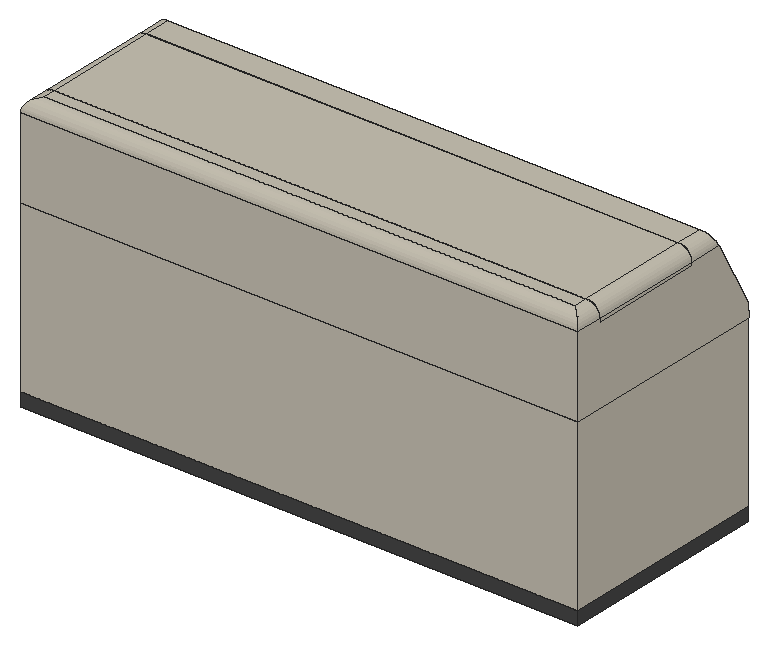
Revit family "Mechanical_Equipment-GE-Zoneline_PTAC-AirConditioner-MakeupAir-AZ95", category Mechanical Equipment, host Face, Revit 2018
Family settings
  Host = Face
  Round Connector Dimension = Use Diameter
  Classification = None
  Part Type = Normal
  OmniClass Number = 23.75.70.21.24
  OmniClass Title = Air Terminal Units
  Cut with Voids When Loaded = No
  Shared = No
  Room Calculation Point = No
Parameters
  Width = 3' - 6"  # constant formula
  Warranty URL = "https://www.geappliances.com/ge/zoneline/warranty.htm"
  Wall Offset [instance] = 0' - 0"
  Voltage = 0 V
  Version = "2018 v.1.0a"  # constant formula
  URL = "https://www.geappliances.com/ge/zoneline.htm"
  Product Page URL = "https://www.geappliances.com/ge/zoneline.htm"
  Product Name = "GE Zoneline® Packaged Terminal Air Conditioner (PTAC)"  # constant formula
  Power Factor = 1
  Phase = 1
  Outside Grill Material = Plastic - GE - Black
  Number of Poles = 1
  Model = "Not a Type - Load Type Catalog"
  Manufacturer Phone Number = "1-800-626-2005"  # constant formula
  Manufacturer Email = ""
  Manufacturer Address = "106 Appliance Park - AP4 Room 106, Louisville, KY 40225"  # constant formula
  Manufacturer = "GE Appliances"  # constant formula
  Keynote = "23 30 00"
  Housing Material = Plastic - GE - Gray
  Height = 1' - 4"  # constant formula
  Frequency = 60 Hz
  Description = "Heat pump"  # constant formula
  Default Elevation = 4' - 0"
  Copyright = "Copyright © 2021 GE Appliances, a Haier company GE is a trademark of the General Electric Company. Manufactured under trademark license."  # constant formula
  Assembly Code = "D3040100"
  Apparent Load = 0 VA
Reference planes (in)
  plane 1 "Center (Front/Back)": y = 0
  plane 2: z = 0
  plane 3 "Center (Left/Right)": x = 0
  plane 4: x = -21
  plane 5: x = 21
  plane 6: y = 8
  plane 7: y = -8
  plane 8: z = 7.0625
  plane 9: z = -13.75
  plane 10: y = 4.65625
  plane 11: z = 1.03125
  plane 12: y = -6
  plane 13: y = 2.65625
  plane 14: z = 5.8125
  plane 15 "Wall Offset": z = 0
  plane 16: z = -12.75
Forms (in)
  Extrusion 1, solid, material "Plastic - GE - Gray" <- "Housing Material"
    sketch origin (0, 0, 0) x (1, 0, 0) y (0, 0, 1)
      loop
        arc (-20, 7.0625) -> (-20.70711, 6.76961) -> (-21, 6.0625) r 1
        line (-21, 6.0625) -> (-21, 0) -> (21, 0) -> (21, 6.0625)
        arc (21, 6.0625) -> (20.70711, 6.76961) -> (20, 7.0625) r 1
        line (20, 7.0625) -> (-20, 7.0625)
    from -8 to 8
  Extrusion 2, void
    sketch origin (0, 0, 0) x (0, 1, 0) y (0, 0, 1)
      loop
        line (4.65625, 10.47101) -> (4.65625, 7.0625) -> (8, 1.03125) -> (11.18211, 1.03125) -> (11.18211, 10.47101) -> (4.65625, 10.47101)
    from -25.3045 to 26.17737
  Extrusion 3, void
    sketch origin (0, 0, 0) x (0, 1, 0) y (0, 0, 1)
      loop
        line (-8.98656, 7.70959) -> (-8.98656, 6.0625) -> (-8, 6.0625)
        arc (-8, 6.0625) -> (-7.70711, 6.76961) -> (-7, 7.0625) r 1
        line (-7, 7.0625) -> (-7, 7.70959) -> (-8.98656, 7.70959)
    from -23.35478 to 32.8228
  Extrusion 4, solid, material "Plastic - GE - Gray" <- "Housing Material"
    sketch origin (0, 4.65625, 7.0625) x (0, 0.484873, -0.874584) y (-1, 0, 0)
      loop
        line (1.5, -20.5) -> (5.39613, -20.5)
        arc (5.39613, -20.5) -> (6.10324, -20.20711) -> (6.39613, -19.5) r 1
        line (6.39613, -19.5) -> (6.39613, 19.5)
        arc (6.39613, 19.5) -> (6.10324, 20.20711) -> (5.39613, 20.5) r 1
        line (5.39613, 20.5) -> (1.5, 20.5)
        arc (1.5, 20.5) -> (0.79289, 20.20711) -> (0.5, 19.5) r 1
        line (0.5, 19.5) -> (0.5, -19.5)
        arc (0.5, -19.5) -> (0.79289, -20.20711) -> (1.5, -20.5) r 1
    from 0 to 0.125
  Extrusion 5, void
    sketch origin (0, 0, 0) x (1, 0, 0) y (0, 1, 0)
      loop
        line (-23.43851, 2.65625) -> (-23.43851, -6) -> (25.81619, -6) -> (25.81619, 2.65625) -> (-23.43851, 2.65625)
    from 5.8125 to 8.54486
  Extrusion 6, solid, material "Plastic - GE - Grill"
    sketch origin (0, 0, 0) x (1, 0, 0) y (0, 0, 1)
      loop
        line (21, 5.8125) -> (21, 6.0625)
        arc (21, 6.0625) -> (20.70711, 6.76961) -> (20, 7.0625) r 1
        line (20, 7.0625) -> (-20, 7.0625)
        arc (-20, 7.0625) -> (-20.70711, 6.76961) -> (-21, 6.0625) r 1
        line (-21, 6.0625) -> (-21, 5.8125) -> (21, 5.8125)
    from -2.65625 to 6
  Extrusion 7, solid, material "Plastic - GE - Gray" <- "Housing Material"
    sketch origin (0, 0, 0) x (1, 0, 0) y (0, 1, 0)
      loop
        line (-21, 8) -> (-21, -8) -> (21, -8) -> (21, 8) -> (-21, 8)
    from -12.75 to 0
  Extrusion 8, solid, material "Plastic - GE - Black" <- "Outside Grill Material"
    sketch origin (0, 0, 0) x (1, 0, 0) y (0, 1, 0)
      loop
        line (-21, 8) -> (-21, -8) -> (21, -8) -> (21, 8) -> (-21, 8)
      loop
        line (20, -7) -> (20, 7) -> (-20, 7) -> (-20, -7) -> (20, -7)
    from -13.75 to -12.75
  Extrusion 9, solid, material "Plastic - GE - Grill"
    sketch origin (0, 0, 0) x (1, 0, 0) y (0, 1, 0)
      loop
        line (-20, 7) -> (-20, -7) -> (20, -7) -> (20, 7) -> (-20, 7)
    from -13.75 to -12.75
Cuts and joins
  Extrusion 2, Extrusion 3, Extrusion 5 cuts Extrusion 1
Lines and regions (in)
  model lines
    curve 1: line (19.79935, 5.83477, 5.19455) -> (19.79935, 6.92574, 3.22674)
    curve 2: line (12.79935, 5.3499, 6.06914) -> (18.79935, 5.3499, 6.06914)
    curve 3: line (11.79935, 6.92574, 3.22674) -> (11.79935, 5.83477, 5.19455)
    curve 4: line (18.79935, 7.41061, 2.35215) -> (12.79935, 7.41061, 2.35215)
    curve 5: arc (18.79935, 5.3499, 6.06914) -> (19.50645, 5.49192, 5.81298) -> (19.79935, 5.83477, 5.19455) r 1
    curve 6: arc (12.79935, 5.3499, 6.06914) -> (12.09224, 5.49192, 5.81298) -> (11.79935, 5.83477, 5.19455) r 1
    curve 7: arc (12.79935, 7.41061, 2.35215) -> (12.09224, 7.26859, 2.60831) -> (11.79935, 6.92574, 3.22674) r 1
    curve 8: arc (18.79935, 7.41061, 2.35215) -> (19.50645, 7.26859, 2.60831) -> (19.79935, 6.92574, 3.22674) r 1
    curve 9: line (18.78731, 5.77327, 5.30549) -> (18.78731, 6.13692, 4.64956)
    curve 10: line (17.28731, 5.77327, 5.30549) -> (18.78731, 5.77327, 5.30549)
    curve 11: line (17.28731, 6.13692, 4.64956) -> (17.28731, 5.77327, 5.30549)
    curve 12: line (18.78731, 6.13692, 4.64956) -> (17.28731, 6.13692, 4.64956)
    curve 13: line (15.73071, 5.77327, 5.30549) -> (15.73071, 6.13692, 4.64956)
    curve 14: line (14.50316, 5.77327, 5.30549) -> (15.73071, 5.77327, 5.30549)
    curve 15: line (14.50316, 6.13692, 4.64956) -> (14.50316, 5.77327, 5.30549)
    curve 16: line (15.73071, 6.13692, 4.64956) -> (14.50316, 6.13692, 4.64956)
    curve 17: line (13.46049, 5.77327, 5.30549) -> (13.46049, 6.13692, 4.64956)
    curve 18: line (12.40785, 5.77327, 5.30549) -> (13.46049, 5.77327, 5.30549)
    curve 19: line (12.40785, 6.13692, 4.64956) -> (12.40785, 5.77327, 5.30549)
    curve 20: line (13.46049, 6.13692, 4.64956) -> (12.40785, 6.13692, 4.64956)
    curve 21: line (15.73071, 6.4397, 4.10341) -> (15.73071, 6.78369, 3.48296)
    curve 22: line (14.50316, 6.4397, 4.10341) -> (15.73071, 6.4397, 4.10341)
    curve 23: line (14.50316, 6.78369, 3.48296) -> (14.50316, 6.4397, 4.10341)
    curve 24: line (15.73071, 6.78369, 3.48296) -> (14.50316, 6.78369, 3.48296)
    curve 25: line (13.46049, 6.4397, 4.10341) -> (13.46049, 6.78369, 3.48296)
    curve 26: line (12.40785, 6.4397, 4.10341) -> (13.46049, 6.4397, 4.10341)
    curve 27: line (12.40785, 6.78369, 3.48296) -> (12.40785, 6.4397, 4.10341)
    curve 28: line (13.46049, 6.78369, 3.48296) -> (12.40785, 6.78369, 3.48296)
    curve 29: line (9.98671, 5.59234, 5.63184) -> (9.98671, 7.16817, 2.78945)
    curve 30: line (-18.88488, 5.3499, 6.06914) -> (9.48671, 5.3499, 6.06914)
    curve 31: line (-19.38488, 7.16817, 2.78945) -> (-19.38488, 5.59234, 5.63184)
    curve 32: line (9.48671, 7.41061, 2.35215) -> (-18.88488, 7.41061, 2.35215)
    curve 33: arc (-18.88488, 5.3499, 6.06914) -> (-19.23844, 5.42091, 5.94106) -> (-19.38488, 5.59234, 5.63184) r 0.5
    curve 34: arc (-19.38488, 7.16817, 2.78945) -> (-19.23844, 7.3396, 2.48023) -> (-18.88488, 7.41061, 2.35215) r 0.5
    curve 35: arc (9.48671, 7.41061, 2.35215) -> (9.84026, 7.3396, 2.48023) -> (9.98671, 7.16817, 2.78945) r 0.5
    curve 36: arc (9.98671, 5.59234, 5.63184) -> (9.84026, 5.42091, 5.94106) -> (9.48671, 5.3499, 6.06914) r 0.5
    curve 37: line (9.98671, 5.59234, 5.63184) -> (-19.38488, 5.59234, 5.63184)
    curve 38: line (9.98671, 5.71355, 5.4132) -> (-19.38488, 5.71355, 5.4132)
    curve 39: line (9.98671, 5.95599, 4.97591) -> (-19.38488, 5.95599, 4.97591)
    curve 40: line (9.98671, 6.07721, 4.75726) -> (-19.38488, 6.07721, 4.75726)
    curve 41: line (9.98671, 6.31965, 4.31997) -> (-19.38488, 6.31965, 4.31997)
    curve 42: line (9.98671, 6.44086, 4.10132) -> (-19.38488, 6.44086, 4.10132)
    curve 43: line (9.98671, 6.6833, 3.66403) -> (-19.38488, 6.6833, 3.66403)
    curve 44: line (9.98671, 6.80452, 3.44538) -> (-19.38488, 6.80452, 3.44538)
    curve 45: line (9.98671, 7.04696, 3.00809) -> (-19.38488, 7.04696, 3.00809)
    curve 46: line (9.98671, 7.16817, 2.78945) -> (-19.38488, 7.16817, 2.78945)
Dimensions and locks (in)
  equal spacing: plane 4, plane 3 "Center (Left/Right)", plane 5
  "Width": plane 4 to plane 5
  equal spacing: plane 7, plane 1 "Center (Front/Back)", plane 6
  "Height": plane 7 to plane 6
  locked: plane 10 to plane 6 at 3.34375
  locked: plane 11 to plane 8 at 6.03125
  Extrusion 3 sketch curve to plane 7 to Extrusion 3 sketch curve = 0' - 0.98656" locked, 0' - 1" locked
  Extrusion 3 sketch curve to plane 8 to Extrusion 3 sketch curve = 0' - 0.64709" locked, 0' - 1" locked
  locked: plane 7 to Extrusion 3 sketch curve at 1
  locked: plane 8 to Extrusion 3 sketch curve at 1
  locked: plane 4 to Extrusion 4 sketch curve at 0.5
  locked: Extrusion 4 sketch curve to plane 5 at 0.5
  locked: plane 7 to plane 12 at 2
  locked: plane 10 to plane 13 at 2
  locked: plane 8 to plane 14 at 1.25
  "Wall Offset": plane 15 "Wall Offset" to level
  plane 11 to plane 15 "Wall Offset" = 0' - 1 1/32"
  locked: plane 8 to plane 15 "Wall Offset" at 7.0625
  locked: plane 15 "Wall Offset" to plane 9 at 13.75
  locked: Extrusion 8 sketch curve to plane 5 at 1
  locked: plane 6 to Extrusion 8 sketch curve at 1
  locked: plane 7 to Extrusion 8 sketch curve at 1
  locked: plane 4 to Extrusion 8 sketch curve at 1
  locked: plane 16 to plane 9 at 1
  locked: Extrusion 9 sketch curve to plane 5 at 1
  locked: plane 6 to Extrusion 9 sketch curve at 1
  locked: plane 7 to Extrusion 9 sketch curve at 1
  locked: plane 4 to Extrusion 9 sketch curve at 1
  aligned and locked: plane 2 to host face
  aligned and locked: level to host face
  aligned and locked: plane 5 to Extrusion 1 sketch curve
  aligned and locked: plane 4 to Extrusion 1 sketch curve
  aligned and locked: Extrusion 1 sketch curve to plane 8
  aligned and locked: plane 10 to Extrusion 2 sketch curve
  aligned and locked: Extrusion 2 sketch curve to plane 11
  aligned and locked: Extrusion 5 sketch curve to plane 13
  aligned and locked: plane 12 to Extrusion 5 sketch curve
  aligned and locked: Extrusion 5 to plane 14
  aligned and locked: Extrusion 6 sketch curve to plane 14
  aligned and locked: Extrusion 6 sketch curve to plane 4
  aligned and locked: plane 8 to Extrusion 6 sketch curve
  aligned and locked: Extrusion 6 sketch curve to plane 5
  aligned and locked: Extrusion 6 to plane 12
  aligned and locked: plane 13 to Extrusion 6
  aligned and locked: plane 5 to Extrusion 7 sketch curve
  aligned and locked: Extrusion 7 sketch curve to plane 6
  aligned and locked: plane 4 to Extrusion 7 sketch curve
  aligned and locked: Extrusion 7 sketch curve to plane 7
  aligned and locked: Extrusion 1 to plane 15 "Wall Offset"
  aligned and locked: plane 15 "Wall Offset" to Extrusion 7
  aligned and locked: plane 5 to Extrusion 8 sketch curve
  aligned and locked: Extrusion 8 sketch curve to plane 6
  aligned and locked: plane 4 to Extrusion 8 sketch curve
  aligned and locked: Extrusion 8 sketch curve to plane 7
  aligned and locked: plane 16 to Extrusion 8
  aligned and locked: Extrusion 8 to plane 9
  aligned and locked: Extrusion 7 to plane 16
  aligned and locked: plane 16 to Extrusion 9
  aligned and locked: Extrusion 9 to plane 9
Automatic sketch dimensions
  host sketch curve to host sketch curve = 8' - 0"  (x2)
  plane 4 to Extrusion 1 sketch curve = 0' - 1"
  plane 5 to Extrusion 1 sketch curve = 0' - 1"
  Extrusion 3 sketch curve to plane 8 = 0' - 0"
  Extrusion 2 sketch curve to plane 6 = 0' - 0"
  Extrusion 2 sketch curve to plane 8 = 0' - 0"
  plane 6 to Extrusion 2 sketch curve = 0' - 3.18211"
  plane 8 to Extrusion 2 sketch curve = 0' - 3.40851"
  Extrusion 2 to Extrusion 4 sketch curve = 0' - 0 1/2"
  Extrusion 4 sketch curve to Extrusion 4 sketch curve = 0' - 1"  (x2)
  Extrusion 4 sketch curve to Extrusion 2 = 0' - 1 1/2"  (x2)
  Extrusion 4 sketch curve to Extrusion 2 = 0' - 0 1/2"
  curve 30 to Extrusion 4 = 0' - 0.70511"
  curve 2 to Extrusion 4 = 0' - 0.70511"
  curve 36 to curve 36 = 0' - 0 1/2"
  curve 2 to curve 19 = 0' - 0.87315"
  curve 17 to curve 15 = 0' - 0"
  curve 2 to curve 9 = 0' - 0.87315"
  curve 9 to curve 5 = 0' - 0.12685"
  curve 18 to curve 6 = 0' - 0.12685"
  curve 13 to curve 16 = 0' - 0 3/4"
  curve 17 to curve 20 = 0' - 0 3/4"
  curve 10 to curve 12 = 0' - 0 3/4"
  curve 19 to curve 26 = 0' - 0.62446"
  curve 13 to curve 21 = 0' - 0.62446"
  curve 21 to curve 21 = 0' - 0.70943"
  curve 25 to curve 25 = 0' - 0.70943"
  curve 9 to curve 8 = 0' - 1.62685"
  curve 27 to curve 3 = 0' - 0 75/256"
  curve 29 to Extrusion 4 = 0' - 1.44102"
  curve 4 to Extrusion 4 = 0' - 0.94102"
  curve 35 to curve 32 = 0' - 0 1/2"
  curve 1 to Extrusion 4 = 0' - 0.70065"
  curve 5 to curve 12 = 0' - 0.01204"
  curve 9 to curve 12 = 0' - 1 1/2"
  curve 10 to curve 14 = 0' - 1.5566"
  curve 21 to curve 13 = 0' - 0"
  curve 13 to curve 15 = 0' - 1.22755"
  curve 21 to curve 24 = 0' - 1.22755"
  curve 22 to curve 26 = 0' - 1.04267"
  curve 14 to curve 17 = 0' - 1.04267"
  curve 17 to curve 6 = 0' - 0.66114"
  curve 6 to curve 18 = 0' - 0.3915"
  curve 27 to curve 19 = 0' - 0"
  curve 3 to curve 29 = 0' - 1.81264"
  curve 30 to Extrusion 4 = 0' - 1.61512"
  curve 33 to curve 38 = 0' - 0 1/4"
  curve 38 to curve 39 = 0' - 0 1/2"
  curve 39 to curve 40 = 0' - 0 1/4"
  curve 40 to curve 41 = 0' - 0 1/2"
  curve 41 to curve 42 = 0' - 0 1/4"
  curve 42 to curve 43 = 0' - 0 1/2"
  curve 43 to curve 44 = 0' - 0 1/4"
  curve 45 to curve 46 = 0' - 0 1/4"
  Extrusion 5 sketch curve to plane 4 = 0' - 2.43851"
  Extrusion 5 sketch curve to plane 5 = 0' - 4.81619"
  plane 4 to Extrusion 6 sketch curve = 0' - 1"
  plane 14 to Extrusion 6 sketch curve = 0' - 0 1/4"
  level to Extrusion 1 sketch curve = 0' - 0"
Connectors (in)
  electrical at (0, -8, 3.03125), driven by "Voltage", driven by "Apparent Load", driven by "Power Factor"
    settings: on cut or joined group of Extrusion 1, Extrusion 2, Extrusion 3, Extrusion 5, index 1, voltage 0 V, apparent load 0 VA, apparent load phase1 0 VA, apparent load phase2 0 VA, apparent load phase3 0 VA, power factor 1, load classification "HVAC", number of poles 1, system type 31, power factor state 1, is connector primary yes, connector utility no, sub classification motor no, connector description "Power Connector"
Types in the file's own list only (32): name | Voltage | Product Page URL | Power Factor | Model
  AZ65H07DAB - 208V Base Model 7k Load | 208 V | "http://products.geappliances.com/appliance/gea-specs/AZ65H07DAB" | 0.96 | "AZ65H07DAB"
  AZ65H07DAB - 230V Base Model 7k Load | 230 V | "http://products.geappliances.com/appliance/gea-specs/AZ65H07DAB" | 0.96 | "AZ65H07DAB"
  AZ65H07DAC - 208V Corrosion Prot 7k Load | 208 V | "http://products.geappliances.com/appliance/gea-specs/AZ65H07DAC" | 0.96 | "AZ65H07DAC"
  AZ65H07DAC - 230V Corrosion Prot 7k Load | 230 V | "http://products.geappliances.com/appliance/gea-specs/AZ65H07DAC" | 0.96 | "AZ65H07DAC"
  AZ65H07DAD - 208V with ICR 7k Load | 208 V | "http://products.geappliances.com/appliance/gea-specs/AZ65H07DAD" | 0.96 | "AZ65H07DAD"
  AZ65H07DAD - 230V with ICR 7k Load | 230 V | "http://products.geappliances.com/appliance/gea-specs/AZ65H07DAD" | 0.96 | "AZ65H07DAD"
  AZ65H07EAC - 265V Corrosion Prot 7k Load | 265 V | "http://products.geappliances.com/appliance/gea-specs/AZ65H07EAC" | 0.94 | "AZ65H07EAC"
  AZ65H07EAD - 265V with ICR 7k Load | 265 V | "http://products.geappliances.com/appliance/gea-specs/AZ65H07EAD" | 0.95 | "AZ65H07EAD"
  AZ65H09DAB - 208V Base Model 9k Load | 208 V | "http://products.geappliances.com/appliance/gea-specs/AZ65H09DAB" | 0.98 | "AZ65H09DAB"
  AZ65H09DAB - 230V Base Model 9k Load | 230 V | "http://products.geappliances.com/appliance/gea-specs/AZ65H09DAB" | 0.98 | "AZ65H09DAB"
  AZ65H09DAC - 208V Corrosion Prot 9k Load | 208 V | "http://products.geappliances.com/appliance/gea-specs/AZ65H09DAC" | 0.98 | "AZ65H09DAC"
  AZ65H09DAC - 230V Corrosion Prot 9k Load | 230 V | "http://products.geappliances.com/appliance/gea-specs/AZ65H09DAC" | 0.98 | "AZ65H09DAC"
  AZ65H09DAD - 208V with ICR 9k Load | 208 V | "http://products.geappliances.com/appliance/gea-specs/AZ65H09DAD" | 0.98 | "AZ65H09DAD"
  AZ65H09DAD - 230V with ICR 9k Load | 230 V | "http://products.geappliances.com/appliance/gea-specs/AZ65H09DAD" | 0.98 | "AZ65H09DAD"
  AZ65H09EAC - 265V Corrosion Prot 9k Load | 265 V | "http://products.geappliances.com/appliance/gea-specs/AZ65H09EAC" | 0.94 | "AZ65H09EAC"
  AZ65H09EAD - 265V with ICR 9k Load | 265 V | "http://products.geappliances.com/appliance/gea-specs/AZ65H09EAD" | 0.94 | "AZ65H09EAD"
  AZ65H12DAB - 208V Base Model 12k Load | 208 V | "http://products.geappliances.com/appliance/gea-specs/AZ65H12DAB" | 0.98 | "AZ65H12DAB"
  AZ65H12DAB - 230V Base Model 12k Load | 230 V | "http://products.geappliances.com/appliance/gea-specs/AZ65H12DAB" | 0.98 | "AZ65H12DAB"
  AZ65H12DAC - 208V Corrosion Prot 12k Load | 208 V | "http://products.geappliances.com/appliance/gea-specs/AZ65H12DAC" | 0.98 | "AZ65H12DAC"
  AZ65H12DAC - 230V Corrosion Prot 12k Load | 230 V | "http://products.geappliances.com/appliance/gea-specs/AZ65H12DAC" | 0.98 | "AZ65H12DAC"
  AZ65H12DAD - 208V with ICR 12k Load | 208 V | "http://products.geappliances.com/appliance/gea-specs/AZ65H12DAD" | 0.98 | "AZ65H12DAD"
  AZ65H12DAD - 230V with ICR 12k Load | 230 V | "http://products.geappliances.com/appliance/gea-specs/AZ65H12DAD" | 0.98 | "AZ65H12DAD"
  AZ65H12EAC - 265V Corrosion Prot 12k Load | 265 V | "http://products.geappliances.com/appliance/gea-specs/AZ65H12EAC" | 0.97 | "AZ65H12EAC"
  AZ65H12EAD - 265V with ICR 12k Load | 265 V | "http://products.geappliances.com/appliance/gea-specs/AZ65H12EAD" | 0.97 | "AZ65H12EAD"
  AZ65H15DAB - 208V Base Model 15k Load | 208 V | "http://products.geappliances.com/appliance/gea-specs/AZ65H15DAB" | 0.97 | "AZ65H15DAB"
  AZ65H15DAB - 230V Base Model 15k Load | 230 V | "http://products.geappliances.com/appliance/gea-specs/AZ65H15DAB" | 0.97 | "AZ65H15DAB"
  AZ65H15DAC - 208V Corrosion Prot 15k Load | 208 V | "http://products.geappliances.com/appliance/gea-specs/AZ65H15DAC" | 0.97 | "AZ65H15DAC"
  AZ65H15DAC - 230V Corrosion Prot 15k Load | 230 V | "http://products.geappliances.com/appliance/gea-specs/AZ65H15DAC" | 0.97 | "AZ65H15DAC"
  AZ65H15DAD - 208V with ICR 15k Load | 208 V | "http://products.geappliances.com/appliance/gea-specs/AZ65H15DAD" | 0.97 | "AZ65H15DAD"
  AZ65H15DAD - 230V with ICR 15k Load | 230 V | "http://products.geappliances.com/appliance/gea-specs/AZ65H15DAD" | 0.97 | "AZ65H15DAD"
  AZ65H15EAC - 265V Corrosion Prot 15k Load | 265 V | "http://products.geappliances.com/appliance/gea-specs/AZ65H15EAC" | 0.98 | "AZ65H15EAC"
  AZ65H15EAD - 265V with ICR 15k Load | 265 V | "http://products.geappliances.com/appliance/gea-specs/AZ65H15EAD" | 0.98 | "AZ65H15EAD"
